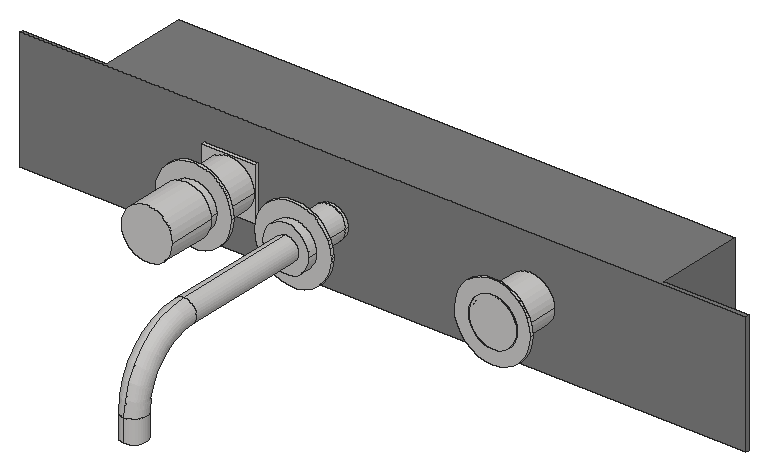
Revit family "CBR_4911", category Plumbing Fixtures, Revit 2021
Family settings
  Round Connector Dimension = Use Diameter
  Part Type = Normal
  Work Plane-Based = No
  Always vertical = Yes
  Cut with Voids When Loaded = No
  Shared = No
  Room Calculation Point = No
Parameters
  e-mail = "info@vola.com"
  URL = "http://vola.com"
  Telephone = "+45 7023 5500"
  Quality management standard = "ISO 9001"
  Organisation no. / DUNS no. = "17531328"
  Occupational health and safety management standard = "ISO 18001"
  Mounting Instructions = ""
  Model = "4911"
  Mixer Offset [instance] = 35.00 mm
  Mixer = yes
  Materials and components information = ""
  Manufacturer = "VOLA A/S"
  Maintenance Instructions = ""
  Guarantee = "2 years"
  Flow = "5,00 l/min"
  Environmental management standard = "ISO 14000"
  Default Elevation = 0.00 mm
  Connection - All relevant connections = "To valve box 3/8\" and to mixer ½\""
  Approvals = ""
Reference planes
  plane 1 "Center (Front/Back)": y = 0
  plane 2: z = 0
  plane 3 "Center (Left/Right)": x = 0
  plane 4 "Mixer plane": y = 35
  plane 5 "Wall Surface": y = 0
Forms (mm)
  Extrusion 1, solid, material "Stainless Steel"
    sketch origin (-13.2, 32.5, 0) x (0, 0, -1) y (1, 0, 0)
      loop
        circle (0, 13.2) r 13.2
    from 0 to 32.5
  Extrusion 2, solid, material "Stainless Steel"
    sketch origin (-100.868, 32.5, 21) x (-1, 0, 0) y (0, 0, -1)
      loop
        circle (-22.868, 21) r 19.5
    from 0 to 32.5
Dimensions and locks
  "Mixer Offset": plane 4 "Mixer plane" to plane 1 "Center (Front/Back)"
  aligned and locked: plane 2 to level
  aligned and locked: level to nested 1
  aligned and locked: nested 1 to plane 4 "Mixer plane"
  aligned and locked: nested 3 to plane 5 "Wall Surface"
  aligned and locked: plane 1 "Center (Front/Back)" to Extrusion 1
  aligned and locked: plane 1 "Center (Front/Back)" to Extrusion 2
Automatic sketch dimensions
  Extrusion 2 sketch curve to nested 1 = 21.00 mm  (x2)
  radius of Extrusion 1 sketch curve to nested 1 = 0.00 mm
  radius of Extrusion 2 sketch curve = 19.50 mm
Nested families
  nested 1: "4900" at (-39, 107, -65), visible <- "Mixer", type "4900"
  nested 2: "001" at (0, 0, 0) x (1, 0, 0) z (0, -1, 0), type "001"
  nested 3: "VR510" at (156, 0, 0), type "Standard"
  nested 4: "010" at (0, -2, 0), type "Standard"
  nested 5: "NR41" at (-78, -2, 0), type "NR41"
  nested 6: "3001" at (-78, 0, 0) x (1, 0, 0) z (0, -1, 0), type "3001"
  nested 7: "VR512" at (156, 0, 0), type "Standard"
Connectors
  piping at (-105, 78, -65), diameter 19
    settings: on nested 1, index 1, connector inside diameter 0.74803", connector length 0.00 mm, flow factor 0, pipe flow 0 GPM, pressure drop 0.00 psi, fitting loss kfactor 0, connector angle 0.00°, fixture units 0, engagement length 0.00 mm, angle of deflection 0.00°, flow configuration 0, flow direction 1, fitting loss method 0, system type 19, joint type 0, gender type 0, connector reference index -1, connector utility 0, adjustable connector no, is connector primary yes, connector description ""
  piping at (-51, 78, -65), diameter 19
    settings: on nested 1, index 2, connector inside diameter 0.74803", connector length 0.00 mm, flow factor 0, pipe flow 0 GPM, pressure drop 0.00 psi, fitting loss kfactor 0, connector angle 0.00°, fixture units 0, engagement length 0.00 mm, angle of deflection 0.00°, flow configuration 0, flow direction 1, fitting loss method 0, system type 20, joint type 0, gender type 0, connector reference index -1, connector utility 0, adjustable connector no, is connector primary no, connector description ""
Definition of nested family "4900"
  Parameters
    e-mail = "info@vola.com"
    URL = "http://vola.com"
    Telephone = "+45 7023 5500"
    Quality management standard = "ISO 9001"
    Organisation no. / DUNS no. = "17531328"
    Occupational health and safety management standard = "ISO 18001"
    Mounting Instructions = ""
    Model = "5100"
    Materials and components information = ""
    Manufacturer = "VOLA A/S"
    Maintenance Instructions = ""
    Guarantee = "2 years"
    Flow = "43,00 l/min"
    Environmental management standard = "ISO 14000"
    Default Elevation = 0.00 mm
    Connection - All relevant connections = ""
    Approvals = "http://vola.com/service/producturl.ashx?name=5100"
  Reference planes
    plane 1 "Center (Front/Back)": y = 0
    plane 2: z = 0
    plane 3 "Center (Left/Right)": x = 0
    plane 4 "Inlet Center Plane": y = -29
    plane 5: z = 65
  Forms (mm)
    Extrusion 1, solid
      sketch origin (10, 0, -4) x (1, 0, 0) y (0, 1, 0)
        loop
          line (-148, 0) -> (-148, -70) -> (288, -70) -> (288, 0) -> (-148, 0)
      from 21.5 to 116.5
    Extrusion 2, solid
      sketch origin (10, -2, -4) x (1, 0, 0) y (0, 1, 0)
        loop
          line (-214.5, -68) -> (-214.5, -70) -> (354.5, -70) -> (354.5, -68) -> (-214.5, -68)
      from 21.5 to 116.5
    Extrusion 3, solid
      sketch origin (-54, -4, 17.5) x (0, 1, 0) y (1, 0, 0)
        loop
          circle (-25, -12) r 9.5
      from 0 to 17.5
    Extrusion 4, solid
      sketch origin (0, -4, 17.5) x (0, 1, 0) y (1, 0, 0)
        loop
          circle (-25, -12) r 9.5
      from 0 to 17.5
    Extrusion 5, solid
      sketch origin (-51.5, -72, -4) x (-1, 0, 0) y (0, 0, -1)
        loop
          line (8.5, -90) -> (8.5, -48) -> (-33.5, -48) -> (-33.5, -90) -> (8.5, -90)
      from 0 to 2.5
    Extrusion 6, solid
      sketch origin (26.5, -72, -4) x (-1, 0, 0) y (0, 0, -1)
        loop
          circle (-12.5, -69) r 13.2
      from 0 to 2.5
    Extrusion 7, solid
      sketch origin (143.5, -72, -4) x (-1, 0, 0) y (0, 0, -1)
        loop
          circle (-51.5, -69) r 16
      from 0 to 2.5
  Cuts and joins
    joined: Extrusion 1, Extrusion 2
  Lines and regions (mm)
    reference lines
      curve 1: line (195, -29, 65) -> (195, -121.5, 65)
      curve 2: line (39, -29, 65) -> (39, -121.5, 65)
      curve 3: line (-39, -29, 65) -> (-39, -121.5, 65)
      curve 4: line (-66, -29, 65) -> (-66, -29, -34)
      curve 5: line (-12, -29, 65) -> (-12, -29, -34)
  Dimensions and locks
    aligned and locked: plane 2 to level
    aligned and locked: Extrusion 1 to Extrusion 2
    aligned and locked: Extrusion 2 to Extrusion 1
Definition of nested family "001"
  Parameters
    e-mail = "info@vola.com"
    URL = "http://vola.com"
    Telephone = "+45 7023 5500"
    Quality management standard = "ISO 9001"
    Organisation no. / DUNS no. = "17531328"
    Occupational health and safety management standard = "ISO 18001"
    Mounting Instructions = "http://vola.com/service/producturl.ashx?name=001"
    Model = "001"
    Materials and components information = "http://vola.com/service/producturl.ashx?name=001"
    Manufacturer = "VOLA A/S"
    Maintenance Instructions = "http://vola.com/service/producturl.ashx?name=001"
    Guarantee = "2 years"
    Environmental management standard = "ISO 14000"
    Default Elevation = 1219.20 mm
    Connection - All relevant connections = ""
    Approvals = "http://vola.com/service/producturl.ashx?name=001"
  Reference planes
    plane 1 "Center (Front/Back)": y = 0
    plane 2: z = 0
    plane 3 "Center (Left/Right)": x = 0
  Forms (mm)
    Extrusion 1, solid
      sketch origin (0, 0, 0) x (1, 0, 0) y (0, 1, 0)
        loop
          circle (0, 0) r 16.5
        loop
          circle (0, 0) r 30
      from 0 to 2
  Dimensions and locks
    aligned and locked: plane 2 to level
Definition of nested family "VR510"
  Parameters
    e-mail = "info@vola.com"
    URL = "http://vola.com"
    Telephone = "+45 7023 5500"
    Quality management standard = "ISO 9001"
    Organisation no. / DUNS no. = "17531328"
    Occupational health and safety management standard = "ISO 18001"
    Mounting Instructions = ""
    Model = "RS82E"
    Materials and components information = ""
    Manufacturer = "VOLA A/S"
    Maintenance Instructions = ""
    Guarantee = "2 years"
    Environmental management standard = "ISO 14000"
    Default Elevation = 0.00 mm
    Connection - All relevant connections = ""
    Approvals = "http://vola.com/service/producturl.ashx?name=RS82E"
  Reference planes
    plane 1 "Center (Front/Back)": y = 0
    plane 2: z = 0
    plane 3 "Center (Left/Right)": x = 0
  Forms (mm)
    Extrusion 1, solid
      sketch origin (0, 0, 0) x (-1, 0, 0) y (0, 0, -1)
        loop
          circle (0, 0) r 19
      from 0 to 1.5
  Lines and regions (mm)
    model lines
      curve 1: circle (0, -1.5, 0) r 1.5 normal (0, 1, 0)
      curve 2: circle (0, -1.5, 5) r 1.5 normal (0, 1, 0)
      curve 3: circle (0, -1.5, -5) r 1.5 normal (0, 1, 0)
  Dimensions and locks
    aligned and locked: plane 2 to level
Definition of nested family "010"
  Parameters
    e-mail = "info@vola.com"
    URL = "http://vola.com"
    Telephone = "+45 7023 5500"
    Quality management standard = "ISO 9001"
    Organisation no. / DUNS no. = "17531328"
    Occupational health and safety management standard = "ISO 18001"
    Mounting Instructions = "http://vola.com/service/producturl.ashx?name=010"
    Model = "010"
    Materials and components information = "http://vola.com/service/producturl.ashx?name=010"
    Manufacturer = "VOLA A/S"
    Maintenance Instructions = "http://vola.com/service/producturl.ashx?name=010"
    Guarantee = "2 years"
    Flow = "0 l/min"
    Environmental management standard = "ISO 14000"
    Default Elevation = 0.00 mm
    Connection - All relevant connections = ""
    Approvals = "http://vola.com/service/producturl.ashx?name=010"
  Reference planes
    plane 1 "Center (Front/Back)": y = 0
    plane 2: z = 0
    plane 3 "Center (Left/Right)": x = 0
  Forms (mm)
    Extrusion 1, solid
      sketch origin (0, 0, 0) x (1, 0, 0) y (0, 0, 1)
        loop
          circle (0, 0) r 18
      from 0 to 7
    Sweep 2, solid
      path origin (0, 0, 0) x (0, 1, 0) y (0, 0, 1)
        loop
          line (-7, 0) -> (-107, 0)
          arc (-107, 0) -> (-141.648, -14.352) -> (-156, -49) r 49
      profile origin (0, -141.648, -14.352) x (0, 0.707107, -0.707107) y (1, 0, 0)
        loop
          circle (0, 0) r 9.5
    Extrusion 3, solid
      sketch origin (0, -156, -49) x (0, -1, 0) y (-1, 0, 0)
        loop
          circle (0, 0) r 9.5
      from 0 to 18
  Dimensions and locks
    aligned and locked: plane 2 to level
Definition of nested family "NR41"
  Parameters
    e-mail = "info@vola.com"
    URL = "http://vola.com"
    Telephone = "+45 7023 5500"
    Quality management standard = "ISO 9001"
    Organisation no. / DUNS no. = "17531328"
    Occupational health and safety management standard = "ISO 18001"
    Mounting Instructions = "http://vola.com/service/producturl.ashx?name=NR41"
    Model = "NR41"
    Materials and components information = "http://vola.com/service/producturl.ashx?name=NR41"
    Manufacturer = "VOLA A/S"
    Maintenance Instructions = "http://vola.com/service/producturl.ashx?name=NR41"
    Guarantee = "2 years"
    Environmental management standard = "ISO 14000"
    Default Elevation = 0.00 mm
    Connection - All relevant connections = ""
    Approvals = "http://vola.com/service/producturl.ashx?name=NR41"
  Reference planes
    plane 1 "Center (Front/Back)": y = 0
    plane 2: z = 0
    plane 3 "Center (Left/Right)": x = 0
  Forms (mm)
    Extrusion 1, solid
      sketch origin (0, -3, 0) x (1, 0, 0) y (0, 0, 1)
        loop
          circle (0, 0) r 20
      from 5 to 42.5
    Extrusion 2, solid
      sketch origin (0, 0, 0) x (1, 0, 0) y (0, 0, 1)
        loop
          circle (0, 0) r 18
      from 0 to 8
  Lines and regions (mm)
    model lines
      curve 1: line (-1.25, -45.5, 0) -> (1.25, -45.5, 0)
      curve 2: line (1.25, -45.5, 0) -> (1.25, -45.5, 18)
      curve 3: line (1.25, -45.5, 18) -> (-1.25, -45.5, 18)
      curve 4: line (-1.25, -45.5, 18) -> (-1.25, -45.5, 0)
  Dimensions and locks
    aligned and locked: plane 2 to level
    aligned and locked: Extrusion 1 to Extrusion 2
Definition of nested family "3001"
  Parameters
    e-mail = "info@vola.com"
    URL = "http://vola.com"
    Telephone = "+45 7023 5500"
    Quality management standard = "ISO 9001"
    Organisation no. / DUNS no. = "17531328"
    Occupational health and safety management standard = "ISO 18001"
    Mounting Instructions = "http://vola.com/service/producturl.ashx?name=3001"
    Model = "3001"
    Materials and components information = "http://vola.com/service/producturl.ashx?name=3001"
    Manufacturer = "VOLA A/S"
    Maintenance Instructions = "http://vola.com/service/producturl.ashx?name=3001"
    Guarantee = "2 years"
    Environmental management standard = "ISO 14000"
    Default Elevation = 1219.20 mm
    Connection - All relevant connections = ""
    Approvals = "http://vola.com/service/producturl.ashx?name=3001"
  Reference planes
    plane 1 "Center (Front/Back)": y = 0
    plane 2: z = 0
    plane 3 "Center (Left/Right)": x = 0
  Forms (mm)
    Extrusion 1, solid
      sketch origin (0, 0, 0) x (1, 0, 0) y (0, 1, 0)
        loop
          circle (0, 0) r 18
        loop
          circle (0, 0) r 30
      from 0 to 2
  Dimensions and locks
    aligned and locked: plane 2 to level
Definition of nested family "VR512"
  Parameters
    e-mail = "info@vola.com"
    URL = "http://vola.com"
    Telephone = "+45 7023 5500"
    Quality management standard = "ISO 9001"
    Organisation no. / DUNS no. = "17531328"
    Occupational health and safety management standard = "ISO 18001"
    Mounting Instructions = ""
    Model = "RS82E"
    Materials and components information = ""
    Manufacturer = "VOLA A/S"
    Maintenance Instructions = ""
    Guarantee = "2 years"
    Environmental management standard = "ISO 14000"
    Default Elevation = 0.00 mm
    Connection - All relevant connections = ""
    Approvals = "http://vola.com/service/producturl.ashx?name=RS82E"
  Reference planes
    plane 1 "Center (Front/Back)": y = 0
    plane 2: z = 0
    plane 3 "Center (Left/Right)": x = 0
  Forms (mm)
    Extrusion 1, solid
      sketch origin (0, 0, 0) x (-1, 0, 0) y (0, 0, -1)
        loop
          circle (0, 0) r 30
        loop
          circle (0, 0) r 19
      from 0 to 1.5
    Extrusion 2, solid
      sketch origin (78, 16.799, 0) x (1, 0, 0) y (0, 0, 1)
        loop
          circle (-78, 0) r 19
        loop
          circle (-78, 0) r 17
      from -18.201 to 16.799
    Extrusion 3, solid
      sketch origin (0, 0, 0) x (1, 0, 0) y (0, 0, 1)
        loop
          circle (0, 0) r 17
        loop
          circle (0, 0) r 15
      from -35 to -2.174
  Dimensions and locks
    aligned and locked: plane 2 to level
